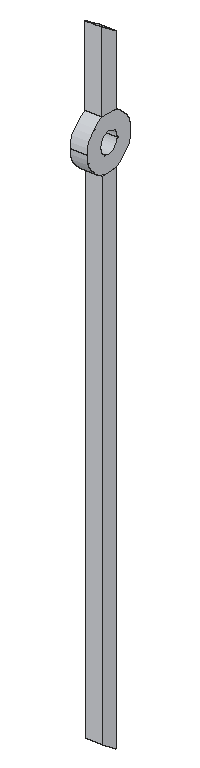
Revit family
Parameters (values of type "20mm")
  built-in parameter 1008623 [instance] = 32.47°
  built-in parameter 1008625 [instance] = (empty or 0)
  Post = no
  built-in parameter 1008624 [instance] = 32.47°
  폭 = 20 mm
  난간동자 재료 = none
  built-in parameter 1008622 [instance] = 762 mm
Types (3, lengths in mm): name | 폭
  (no name) | 20
  25mm | 25
  20mm | 20
Reference planes
  plane 1 "중심 F/B": y = 0
  plane 2: z = 0
  plane 3 "중심 L/R": x = 0
  plane 4 "상단": z = 762
  plane 5 "상단 절단 각도": through (0, 345.134, 542.379) normal (0, -0.5369, -0.8437)
  plane 6: z = 862
  plane 7: z = 609.6
  plane 8: z = 673.1
  plane 9: z = 641.35
  plane 10: z = -100
  plane 11 "하단 절단 각도": through (0, 0, 0) normal (0, -0.5369, -0.8437)
  plane 12: y = 50
  plane 13: x = 50
  plane 14: y = -50
  plane 15: x = -50
Forms (mm)
  Extrusion 1, solid, material <- "난간동자 재료"
    sketch origin (0, 0, 0) x (1, 0, 0) y (0, 1, 0)
      loop
        line (-10, 10) -> (-10, -10) -> (10, -10) -> (10, 10) -> (-10, 10)
    from 673.1 to 862
  Extrusion 2, void
    sketch origin (0, 0, 0) x (0, 1, 0) y (0, 0, 1)
      loop
        line (-50, 862) -> (-50, 793.817) -> (50, 730.183) -> (50, 862) -> (-50, 862)
    from -50 to 50
  Extrusion 3, solid, material <- "난간동자 재료"
    sketch origin (0, 0, 0) x (1, 0, 0) y (0, 1, 0)
      loop
        line (-9.525, 10.475) -> (-9.525, -9.525) -> (10.475, -9.525) -> (10.475, 10.475) -> (-9.525, 10.475)
    from -100 to 609.6
  Extrusion 4, solid, material <- "난간동자 재료"
    sketch origin (0, 0, 0) x (0, 1, 0) y (0, 0, 1)
      loop
        circle (0, 641.35) r 31.75
      loop
        circle (0, 641.35) r 12.7
    from -10 to 10
  Extrusion 5, void
    sketch origin (0, 0, 0) x (0, 1, 0) y (0, 0, 1)
      loop
        line (-50, -100) -> (50, -100) -> (50, -31.817) -> (-50, 31.817) -> (-50, -100)
    from -50 to 50
Cuts and joins
  Extrusion 2, Extrusion 5 cuts Extrusion 1
  Extrusion 5 cuts Extrusion 3
  Extrusion 5 cuts Extrusion 4
Dimensions and locks
  "built-in parameter 1008622": plane 2 to plane 4 "상단"
  locked: plane 4 "상단" to plane 6 at 100
  equal spacing: Extrusion 1 sketch curve, plane 3 "중심 L/R", Extrusion 1 sketch curve
  equal spacing: Extrusion 1 sketch curve, plane 1 "중심 F/B", Extrusion 1 sketch curve
  "폭": Extrusion 1 sketch curve to Extrusion 1 sketch curve  (x2)
  Extrusion 3 sketch curve to Extrusion 3 sketch curve = 20 mm  (x2)
  "폭": Extrusion 3 sketch curve to Extrusion 3 sketch curve  (x2)
  locked: plane 7 to plane 8 at 63.5
  equal spacing: plane 7, plane 9, plane 8
  locked: level to plane 10 at 100
  locked: plane 7 to plane 4 "상단" at 152.4
  locked: plane 15 to plane 3 "중심 L/R" at 50
  locked: plane 3 "중심 L/R" to plane 13 at 50
  locked: plane 1 "중심 F/B" to plane 12 at 50
  locked: plane 14 to plane 1 "중심 F/B" at 50
  "built-in parameter 1008623": angle plane 4 "상단" to plane 5 "상단 절단 각도"
  "built-in parameter 1008624": angle level to plane 11 "하단 절단 각도"
  aligned and locked: Extrusion 1 to plane 6
  aligned and locked: Extrusion 3 to plane 7
  aligned and locked: plane 8 to Extrusion 1
  aligned and locked: Extrusion 4 to cut or joined group of Extrusion 1, Extrusion 2, Extrusion 5  (x2)
  aligned and locked: plane 10 to Extrusion 3
  aligned and locked: plane 15 to Extrusion 2
  aligned and locked: Extrusion 2 to plane 13
  aligned and locked: plane 12 to Extrusion 2 sketch curve
  aligned and locked: plane 14 to Extrusion 2 sketch curve
  aligned and locked: plane 6 to Extrusion 2 sketch curve
  aligned and locked: Extrusion 2 sketch curve to plane 5 "상단 절단 각도"
  aligned and locked: plane 10 to Extrusion 5 sketch curve
  aligned and locked: plane 14 to Extrusion 5 sketch curve
  aligned and locked: Extrusion 5 sketch curve to plane 12
  aligned and locked: Extrusion 5 sketch curve to plane 11 "하단 절단 각도"
  aligned and locked: plane 15 to Extrusion 5
  aligned and locked: Extrusion 5 to plane 13
Automatic sketch dimensions
  Extrusion 3 sketch curve to plane 3 "중심 L/R" = 9.525 mm
  plane 1 "중심 F/B" to Extrusion 3 sketch curve = 9.525 mm
  Extrusion 4 sketch curve to plane 9 = 0 mm  (x2)
  Extrusion 4 sketch curve to plane 1 "중심 F/B" = 0 mm  (x2)
  plane 1 "중심 F/B" to Extrusion 4 sketch curve = 12.7 mm
  Extrusion 4 sketch curve to Extrusion 4 sketch curve = 19.05 mm
